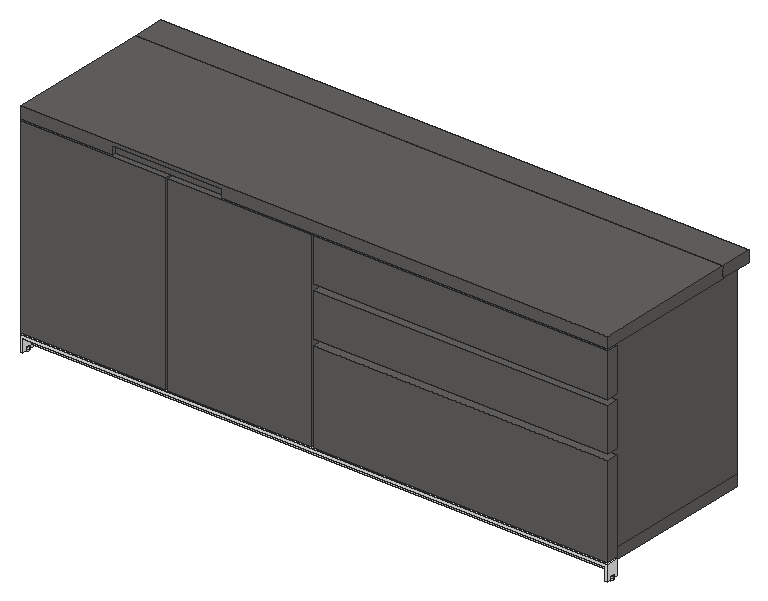
Revit family "Storage-Credenza-Teknion-ZXDB_High_Box_File-R2011", category Furniture Systems, Revit 2013
Parameters (values of type "(See Type Catalog)")
  Width = 80"
  Warranty = "http://www.teknionstudio.com/pdfs/Teknion%20Studio%20Warranty.pdf"
  Unit Weight = 0.00 lbf
  Unit Finish [instance] = Veneer - Teknion - P7 - Grey Oak
  URL = "www.teknionstudio.com"
  Tabletop Right Length = if(Has Right Door, 40", if(Has Double Right Door, 60", 20"))  # 20"
  Tabletop Left Length = if(Has Left Door, 40", if(Has Double Left Door, 60", 20"))  # 60"
  Tabletop Cutout Offset = if(Has Wire Management, 0", 4")  # 0"
  Single Door Cutout Offset = if(Has Left Door, 0", if(Has Right Door, 0", 4"))  # 4"
  Series = "B&B Italia"
  Right Doors Length = if(Has Right Door, (40" - 1.575"), if(Has Double Right Door, (60" - 1.575"), 18.425"))  # 18.425"
  Product Page URL = "http://www.teknionstudio.com/acexecutive/"
  Product Line = "AC Executive"
  Product Documentation Link = "http://www.teknionstudio.com/pricing/ac_executive_ppg.pdf"
  Part Number = "ZXDB"
  Model = ""
  Manufacturer Phone = "919-464-2920"
  Manufacturer Fax = "919-464-2927"
  Manufacturer Email = "customersupport@teknionstudio.com"
  Manufacturer Address = "3940 US 70 Business HWY West, Clayton, NC 27520"
  Manufacturer = "Teknion Studio"  # constant formula
  Low Emitting Material = yes
  Low Emitting Finish = yes
  Left and Right Reference Planes Offset = if(Has Double Right Door, 0", if(Has Double Left Door, 40", if(Has Right Door, 20", 40")))  # 40"
  Left Doors Length = if(Has Left Door, (40" - 1.575"), if(Has Double Left Door, (60" - 1.575"), 18.425"))  # 58.425"
  Height = 30"
  Has Left Door = no
  Has Double Left Door = yes
  Has Right Door = no
  Has Double Right Door = no
  Has Wire Management = yes
  Drawers Length = 40"  # constant formula
  Double Door Cutout Offset = if(Has Double Left Door, 0", if(Has Double Right Door, 0", 5"))  # 0"
  Description = ""
  Depth = 24"
  Bottom Rigth Length = if(Has Right Door, 40", if(Has Double Right Door, 60", 20"))  # 20"
  Bottom Left Length = if(Has Left Door, 40", if(Has Double Left Door, 60", 20"))  # 60"
  Assembly Code = "E2020200"
Reference planes (in)
  plane 1 "Center F/B": y = 0
  plane 2: z = 0
  plane 3 "Center L/R": x = 0
  plane 4 "Left": x = -58.425
  plane 5 "Right": x = 18.425
  plane 6 "Back": y = 12
  plane 7 "Front": y = -12
  plane 8 "Top": z = 30
  plane 9: x = -56.8502
  plane 10: x = 16.8502
  plane 11: z = 2.1289
  plane 12 "Foot Centerline": y = -11.2126
  plane 13 "Elevation": z = 15.29476
  plane 14: z = 28.46063
  plane 15: x = -20
  plane 16: x = 20
  plane 17: x = -40
  plane 18: x = -60
  plane 19: x = 40
  plane 20: x = 60
  plane 21: x = -60
  plane 22: x = 20
  plane 23: x = -60
  plane 24: x = 20
  plane 25: x = -60
  plane 26: x = 20
  plane 27: y = -16
  plane 28: y = -12
  plane 29: z = 30
  plane 30: x = -60
  plane 31: x = 20
  plane 32: x = -20
Forms (in)
  Sweep 1, solid, material "Metal - Teknion - C6 - Chrome"
    path origin (0, -12, 0) x (1, 0, 0) y (0, 0, 1)
      loop
        line (20, 0.05803) -> (20, 2.1289) -> (-60, 2.1289) -> (-60, 0.05803)
    profile origin (-20, -12, 2.1289) x (0, 0, -1) y (0, -1, 0)
      loop
        line (0, 0) -> (0, -1.5748) -> (0.394, -1.5748) -> (0.394, 0) -> (0, 0)
  Sweep 2, solid, material "Metal - Teknion - C6 - Chrome"
    path origin (0, -12, 0) x (1, 0, 0) y (0, 0, 1)
      loop
        line (-60, 2.1289) -> (20, 2.1289)
    profile origin (-20, -12, 2.1289) x (0, 0, 1) y (0, -1, 0)
      loop
        line (-0.394, -1.5748) -> (-0.394, -1.3778) -> (-1.575, -1.3778) -> (-1.575, -1.5748) -> (-0.394, -1.5748)
  Revolve 3, solid, material "Metal - Teknion - C6 - Chrome"
    sketch origin (0, -11.2126, 0) x (0, 0, -1) y (1, 0, 0)
      loop
        line (-0.4911, 19.4685) -> (-0.45173, 19.42913) -> (-0.28492, 19.42913) -> (-0.24555, 19.4685) -> (-0.20618, 19.42913) -> (-0.03937, 19.42913) -> (0, 19.4685) -> (0, 19.80315) -> (-0.4911, 19.80315) -> (-0.4911, 19.4685)
      axis (0, 19.80315) -> (-0.4911, 19.80315)
    angle from 0 to 360
  Revolve 4, solid, material "Metal - Teknion - C6 - Chrome"
    sketch origin (0, -11.2126, 0) x (0, 0, -1) y (1, 0, 0)
      loop
        line (0, -60.1378) -> (0, -59.80315) -> (-0.4911, -59.80315) -> (-0.4911, -60.1378) -> (-0.45173, -60.17717) -> (-0.28492, -60.17717) -> (-0.24555, -60.1378) -> (-0.20618, -60.17717) -> (-0.03937, -60.17717) -> (0, -60.1378)
      axis (0, -59.80315) -> (-0.4911, -59.80315)
    angle from 0 to 360
  Sweep 5, solid, material "Veneer - Teknion - P7 - Grey Oak" <- "Unit Finish"
    path origin (0, 0, 15.40683) x (-1, 0, 0) y (0, -1, 0)
      loop
        line (0, -12) -> (0, 12)
    profile origin (0, 0, 15.40683) x (1, 0, 0) y (0, 0, 1)
      loop
        line (-60, 14.59317) -> (-60, 13.0538) -> (20, 13.0538) -> (20, 14.59317) -> (-60, 14.59317)
  Sweep 6, solid, material "Veneer - Teknion - P7 - Grey Oak" <- "Unit Finish"
    path origin (0, -12, 0) x (1, 0, 0) y (0, 0, 1)
      loop
        line (-58.425, 2.1289) -> (18.425, 2.1289)
    profile origin (-20, -12, 2.1289) x (0, 0, 1) y (0, -1, 0)
      loop
        line (0, -1.5748) -> (-1.53937, -1.5748) -> (-1.53937, -24) -> (0, -24) -> (0, -1.5748)
  Sweep 7, solid, material "Veneer - Teknion - P7 - Grey Oak" <- "Unit Finish"
    path origin (0, 0, 15.40683) x (-1, 0, 0) y (0, -1, 0)
      loop
        line (58.425, 0) -> (-18.425, 0)
    profile origin (-20, 0, 15.40683) x (0, 1, 0) y (0, 0, 1)
      loop
        line (7.61024, 12.6597) -> (7.61024, 13.0538) -> (-10.32283, 13.0538) -> (-10.32283, -13.27793) -> (12, -13.27793) -> (12, 12.6597) -> (7.61024, 12.6597)
  Sweep 8, solid, material "Veneer - Teknion - P7 - Grey Oak" <- "Unit Finish"
    path origin (0, -12, 0) x (1, 0, 0) y (0, 0, 1)
      loop
        line (-20, 15.29476) -> (20, 15.29476)
    profile origin (0, -12, 15.29476) x (0, 0, 1) y (0, -1, 0)
      loop
        line (12.91587, -1.5394) -> (12.91587, 0) -> (7.02587, 0) -> (7.02587, -1.5394) -> (12.91587, -1.5394)
      loop
        line (0.34867, -1.5394) -> (6.23847, -1.5394) -> (6.23847, 0) -> (0.34867, 0) -> (0.34867, -1.5394)
      loop
        line (-0.43873, 0) -> (-12.91587, 0) -> (-12.91587, -1.5394) -> (-0.43873, -1.5394) -> (-0.43873, 0)
  Sweep 9, solid, material "Veneer - Teknion - P7 - Grey Oak" <- "Unit Finish", visible <- "Has Left Door"
    path origin (0, -12, 0) x (1, 0, 0) y (0, 0, 1)
      loop
        line (0, 28.21063) -> (0, 2.3789)
    profile origin (0, -12, 15.29476) x (0, -1, 0) y (1, 0, 0)
      loop
        line (-1.5394, -20.25) -> (-1.5394, -40) -> (0, -40) -> (0, -20.25) -> (-1.5394, -20.25)
  Sweep 10, solid, material "Veneer - Teknion - P7 - Grey Oak" <- "Unit Finish", visible <- "Has Right Door"
    path origin (0, -12, 0) x (-1, 0, 0) y (0, 0, 1)
      loop
        line (0, 28.21063) -> (0, 2.3789)
    profile origin (0, -12, 15.29476) x (0, -1, 0) y (1, 0, 0)
      loop
        line (-1.5394, 20.25) -> (0, 20.25) -> (0, 40) -> (-1.5394, 40) -> (-1.5394, 20.25)
  Sweep 11, solid, material "Veneer - Teknion - P7 - Grey Oak" <- "Unit Finish", visible <- "Has Double Left Door"
    path origin (-80, -12, 0) x (-1, 0, 0) y (0, 0, 1)
      loop
        line (-80, 28.21063) -> (-80, 2.3789)
    profile origin (0, -12, 15.29476) x (0, -1, 0) y (1, 0, 0)
      loop
        line (-1.5394, -20.25) -> (-1.5394, -39.875) -> (0, -39.875) -> (0, -20.25) -> (-1.5394, -20.25)
      loop
        line (-1.5394, -60) -> (0, -60) -> (0, -40.125) -> (-1.5394, -40.125) -> (-1.5394, -60)
  Sweep 12, solid, material "Veneer - Teknion - P7 - Grey Oak" <- "Unit Finish", visible <- "Has Double Right Door"
    path origin (80, -12, 0) x (1, 0, 0) y (0, 0, 1)
      loop
        line (-80, 28.21063) -> (-80, 2.3789)
    profile origin (0, -12, 15.29476) x (0, -1, 0) y (1, 0, 0)
      loop
        line (-1.5394, 20.25) -> (0, 20.25) -> (0, 39.875) -> (-1.5394, 39.875) -> (-1.5394, 20.25)
      loop
        line (-1.5394, 60) -> (-1.5394, 40.125) -> (0, 40.125) -> (0, 60) -> (-1.5394, 60)
  Sweep 13, void
    path origin (0, 0, 0) x (0, 1, 0) y (0, 0, 1)
      loop
        line (-16, 28.46063) -> (-15.5276, 28.46063)
    profile origin (0, -15.7638, 28.46063) x (0, 0, 1) y (1, 0, 0)
      loop
        line (0, -27.556) -> (1.1, -27.556) -> (1.1, -20.118) -> (0, -20.118) -> (0, -27.556)
      loop
        line (0, 27.556) -> (0, 20.118) -> (1.1, 20.118) -> (1.1, 27.556) -> (0, 27.556)
  Sweep 14, void
    path origin (0, -9, 0) x (0, 1, 0) y (0, 0, 1)
      loop
        line (-3, 28.46063) -> (-2.5276, 28.46063)
    profile origin (0, -11.7638, 28.46063) x (0, 0, 1) y (1, 0, 0)
      loop
        line (0, -47.438) -> (1.1, -47.438) -> (1.1, -32.562) -> (0, -32.562) -> (0, -47.438)
      loop
        line (0, 47.438) -> (0, 32.562) -> (1.1, 32.562) -> (1.1, 47.438) -> (0, 47.438)
  Sweep 15, void
    path origin (0, 12, 0) x (-1, 0, 0) y (0, 0, 1)
      loop
        line (60, 30) -> (-60, 30)
    profile origin (0, 12, 30) x (0, 0, -1) y (0, 1, 0)
      loop
        line (1.53937, -4.38976) -> (1.53937, -4.30976) -> (0, -4.30976) -> (0, -4.38976) -> (1.53937, -4.38976)
Cuts and joins
  joined: Sweep 1, Sweep 2, Revolve 3, Revolve 4
  Sweep 13, Sweep 14, Sweep 15 cuts Sweep 5
Lines and regions (in)
  Masking region 1
    outline origin (0, 0, 30) x (-1, 0, 0) y (0, -1, 0)
      loop
        line (60, -12) -> (60, 12) -> (-20, 12) -> (-20, -12) -> (60, -12)
  symbolic lines, visible <- "Has Wire Management", detail levels medium+fine
    curve 1: line (-60, 7.61024, 15.40683) -> (20, 7.61024, 15.40683)
  symbolic lines, style "FurnitureSystems", visible <- "Has Left Door"
    curve 2: line (-40, -12, 15.40683) -> (-40, -32, 15.40683)
  symbolic lines, visible <- "Has Left Door"
    curve 3: arc (-40, -32, 15.40683) -> (-25.85786, -26.14214, 15.40683) -> (-20, -12, 15.40683) r 20
  symbolic lines, visible <- "Has Double Left Door"
    curve 4: line (-20, -12, 15.40683) -> (-20, -32, 15.40683)
    curve 5: arc (-20, -32, 15.40683) -> (-34.14214, -26.14214, 15.40683) -> (-40, -12, 15.40683) r 20
    curve 6: line (-60, -12, 15.40683) -> (-60, -32, 15.40683)
    curve 7: arc (-60, -32, 15.40683) -> (-45.85786, -26.14214, 15.40683) -> (-40, -12, 15.40683) r 20
  symbolic lines, style "FurnitureSystems", visible <- "Has Right Door"
    curve 8: line (40, -12, 15.40683) -> (40, -32, 15.40683)
  symbolic lines, visible <- "Has Right Door"
    curve 9: arc (40, -32, 15.40683) -> (25.85786, -26.14214, 15.40683) -> (20, -12, 15.40683) r 20
  symbolic lines, visible <- "Has Double Right Door"
    curve 10: line (20, -12, 15.40683) -> (20, -32, 15.40683)
    curve 11: arc (20, -32, 15.40683) -> (34.14214, -26.14214, 15.40683) -> (40, -12, 15.40683) r 20
    curve 12: line (60, -12, 15.40683) -> (60, -32, 15.40683)
    curve 13: arc (60, -32, 15.40683) -> (45.85786, -26.14214, 15.40683) -> (40, -12, 15.40683) r 20
  symbolic lines, style "Elevation Swing", visible <- "Has Left Door"
    curve 14: line (-20.25, -12, 28.21063) -> (-40, -12, 15.29476)
    curve 15: line (-40, -12, 15.29476) -> (-20.25, -12, 2.3789)
  symbolic lines, style "Elevation Swing", visible <- "Has Double Left Door"
    curve 16: line (-39.875, -12, 28.21063) -> (-20.25, -12, 15.29476)
    curve 17: line (-20.25, -12, 15.29476) -> (-39.875, -12, 2.3789)
    curve 18: line (-40.125, -12, 28.21063) -> (-60, -12, 15.29476)
    curve 19: line (-60, -12, 15.29476) -> (-40.125, -12, 2.3789)
  symbolic lines, style "Elevation Swing", visible <- "Has Right Door"
    curve 20: line (20.25, -12, 28.21063) -> (40, -12, 15.29476)
    curve 21: line (40, -12, 15.29476) -> (20.25, -12, 2.3789)
  symbolic lines, style "Elevation Swing", visible <- "Has Double Right Door"
    curve 22: line (39.875, -12, 28.21063) -> (20.25, -12, 15.29476)
    curve 23: line (20.25, -12, 15.29476) -> (39.875, -12, 2.3789)
    curve 24: line (40.125, -12, 28.21063) -> (60, -12, 15.29476)
    curve 25: line (60, -12, 15.29476) -> (40.125, -12, 2.3789)
Dimensions and locks (in)
  equal spacing: plane 6 "Back", plane 1 "Center F/B", plane 7 "Front"
  "Depth": plane 6 "Back" to plane 7 "Front"
  locked: plane 4 "Left" to plane 9 at 1.5748
  locked: plane 10 to plane 5 "Right" at 1.5748
  "Height": plane 8 "Top" to plane 2
  locked: Sweep 1 sketch curve to level at 0.05803  (x2)
  locked: plane 7 "Front" to Sweep 1 sketch curve at 1.5748
  locked: plane 11 to plane 2 at 2.1289
  locked: plane 11 to Sweep 1 sketch curve at 0.394
  plane 11 to Sweep 2 sketch curve to Sweep 2 sketch curve = 0.394" locked, 1.181" locked
  plane 7 "Front" to Sweep 2 sketch curve to Sweep 2 sketch curve = 1.3778" locked, 0.197" locked
  locked: plane 8 "Top" to Sweep 5 sketch curve at 1.53937
  locked: plane 11 to Sweep 6 sketch curve at 1.53937
  locked: plane 7 "Front" to Sweep 6 sketch curve at 1.5748
  locked: plane 8 "Top" to Sweep 7 sketch curve at 1.53937
  locked: plane 8 "Top" to Sweep 7 sketch curve at 1.93347
  locked: Sweep 7 sketch curve to plane 7 "Front" at 1.67717
  locked: plane 8 "Top" to plane 14 at 1.53937
  equal spacing: plane 14, plane 13 "Elevation", plane 11
  locked: Sweep 8 sketch curve to plane 14 at 0.25
  locked: Sweep 8 sketch curve to plane 7 "Front" at 1.5394  (x3)
  locked: plane 11 to Sweep 8 sketch curve at 0.25
  equal spacing: plane 15, plane 3 "Center L/R", plane 16
  "Drawers Length": plane 15 to plane 16
  "Left Doors Length": plane 4 "Left" to plane 3 "Center L/R"
  "Right Doors Length": plane 3 "Center L/R" to plane 5 "Right"
  equal spacing: plane 18, plane 17, plane 15
  locked: plane 17 to plane 15 at 20
  locked: plane 17 to Sweep 9 sketch curve at 0
  locked: Sweep 9 sketch curve to plane 15 at 0.25
  locked: Sweep 9 sketch curve to plane 7 "Front" at 1.5394
  locked: plane 14 to Sweep 11 sketch curve at 0.25
  locked: Sweep 11 sketch curve to plane 11 at 0.25
  locked: Sweep 11 sketch curve to plane 15 at 0.25
  locked: plane 7 "Front" to Sweep 11 sketch curve at 1.5394
  locked: Sweep 11 sketch curve to plane 7 "Front" at 1.5394
  locked: Sweep 9 sketch curve to plane 11 at 0.25
  locked: plane 14 to Sweep 9 sketch curve at 0.25
  equal spacing: plane 16, plane 19, plane 20
  plane 16 to plane 19 = 20"
  locked: plane 14 to Sweep 10 sketch curve at 0.25
  locked: Sweep 10 sketch curve to plane 11 at 0.25
  locked: Sweep 10 sketch curve to plane 19
  locked: plane 16 to Sweep 10 sketch curve at 0.25
  locked: plane 7 "Front" to Sweep 10 sketch curve at 1.5394
  locked: plane 14 to Sweep 12 sketch curve at 0.25
  locked: Sweep 12 sketch curve to plane 11 at 0.25
  locked: plane 16 to Sweep 12 sketch curve at 0.25
  locked: plane 7 "Front" to Sweep 12 sketch curve at 1.5394
  locked: Sweep 12 sketch curve to plane 7 "Front" at 1.5394
  "Tabletop Left Length": plane 3 "Center L/R" to plane 21
  "Tabletop Right Length": plane 22 to plane 3 "Center L/R"
  "Bottom Left Length": plane 3 "Center L/R" to plane 23
  "Bottom Rigth Length": plane 3 "Center L/R" to plane 24
  "Bottom Left Length": plane 3 "Center L/R" to plane 25
  "Bottom Rigth Length": plane 26 to plane 3 "Center L/R"
  locked: plane 7 "Front" to plane 12 "Foot Centerline" at 0.7874
  locked: plane 4 "Left" to Revolve 4 sketch curve at 1.37815
  locked: Revolve 4 sketch curve to Revolve 4 sketch curve at 0.37402
  Revolve 4 sketch curve to Revolve 4 sketch curve to Revolve 4 sketch curve to plane 2 = 0.07874" locked, 0.16681" locked, 0.03937" locked
  Revolve 4 sketch curve to Revolve 4 sketch curve to Revolve 4 sketch curve to Revolve 4 sketch curve = 0.03937" locked, 0.16681" locked, 0.03937" locked
  locked: Revolve 3 sketch curve to plane 5 "Right" at 1.37815
  locked: Revolve 3 sketch curve to Revolve 3 sketch curve at 0.37402
  Revolve 3 sketch curve to Revolve 3 sketch curve to Revolve 3 sketch curve to Revolve 3 sketch curve to plane 2 = 0.03937" locked, 0.16681" locked, 0.07874" locked, 0.20618" locked
  "Single Door Cutout Offset": plane 7 "Front" to plane 27
  locked: Sweep 13 sketch curve to plane 27 at 0.4724
  locked: Sweep 13 sketch curve to plane 14 at 1.1  (x2)
  Sweep 13 sketch curve to Sweep 13 sketch curve to plane 15 = 7.438" locked, 0.118" locked
  plane 16 to Sweep 13 sketch curve to Sweep 13 sketch curve = 0.118" locked, 7.438" locked
  locked: Sweep 14 sketch curve to plane 28 at 0.4724
  Sweep 14 sketch curve to plane 17 to Sweep 14 sketch curve = 7.438" locked, 7.438" locked
  locked: Sweep 14 sketch curve to plane 14 at 1.1  (x2)
  Sweep 14 sketch curve to plane 19 to Sweep 14 sketch curve = 7.438" locked, 7.438" locked
  "Double Door Cutout Offset": plane 7 "Front" to plane 28
  "Tabletop Cutout Offset": plane 29 to plane 8 "Top"
  locked: Sweep 15 sketch curve to Sweep 15 sketch curve at 0.08
  locked: plane 29 to Sweep 15 sketch curve at 1.53937
  locked: plane 6 "Back" to Sweep 15 sketch curve at 4.30976
  equal spacing: plane 30, plane 32, plane 31
  "Width": plane 30 to plane 31
  "Left and Right Reference Planes Offset": plane 31 to plane 20
  locked: Sweep 8 sketch curve to Sweep 8 sketch curve at 0.7874  (x2)
  Sweep 8 sketch curve to Sweep 8 sketch curve = 12.47713"
  Sweep 11 sketch curve to plane 17 to Sweep 11 sketch curve = 1/8" locked, 1/8" locked
  Sweep 12 sketch curve to plane 19 to Sweep 12 sketch curve = 1/8" locked, 1/8" locked
  locked: Sweep 8 sketch curve to Sweep 8 sketch curve at 5.89
  locked: Sweep 8 sketch curve to Sweep 8 sketch curve at 5.8898
  aligned and locked: level to plane 2
  aligned and locked: Sweep 1 sketch curve to plane 7 "Front"
  aligned and locked: plane 11 to Sweep 1 sketch curve
  aligned and locked: Sweep 1 sketch curve to plane 11
  aligned and locked: Sweep 2 sketch curve to plane 11
  aligned and locked: plane 6 "Back" to Sweep 5 sketch curve
  aligned and locked: plane 7 "Front" to Sweep 5 sketch curve
  aligned and locked: Sweep 5 sketch curve to plane 3 "Center L/R"
  aligned and locked: Sweep 5 sketch curve to plane 8 "Top"
  aligned and locked: Sweep 6 sketch curve to plane 11  (x2)
  aligned and locked: Sweep 6 sketch curve to plane 6 "Back"
  aligned and locked: plane 1 "Center F/B" to Sweep 7 sketch curve
  aligned and locked: plane 6 "Back" to Sweep 7 sketch curve
  aligned and locked: plane 11 to Sweep 7 sketch curve
  aligned and locked: Sweep 8 sketch curve to plane 13 "Elevation"
  aligned and locked: plane 7 "Front" to Sweep 8 sketch curve
  aligned and locked: Sweep 8 sketch curve to profile plane
  aligned and locked: plane 15 to Sweep 8 sketch curve
  aligned and locked: plane 16 to Sweep 8 sketch curve
  aligned and locked: plane 4 "Left" to Sweep 7 sketch curve
  aligned and locked: plane 5 "Right" to Sweep 7 sketch curve
  aligned and locked: Sweep 9 sketch curve to plane 3 "Center L/R"
  aligned and locked: plane 7 "Front" to Sweep 9 sketch curve
  aligned and locked: Sweep 11 sketch curve to plane 3 "Center L/R"
  aligned and locked: Sweep 11 sketch curve to plane 7 "Front"
  aligned and locked: plane 7 "Front" to Sweep 11 sketch curve
  aligned and locked: plane 18 to Sweep 11 sketch curve
  aligned and locked: Sweep 10 sketch curve to plane 3 "Center L/R"
  aligned and locked: Sweep 10 sketch curve to plane 7 "Front"
  aligned and locked: Sweep 12 sketch curve to plane 3 "Center L/R"
  aligned and locked: Sweep 12 sketch curve to plane 7 "Front"
  aligned and locked: Sweep 12 sketch curve to plane 20
  aligned and locked: plane 7 "Front" to Sweep 12 sketch curve
  aligned and locked: plane 21 to Sweep 5 sketch curve
  aligned and locked: Sweep 5 sketch curve to plane 22
  aligned and locked: plane 4 "Left" to Sweep 6 sketch curve
  aligned and locked: plane 5 "Right" to Sweep 6 sketch curve
  aligned and locked: Sweep 1 sketch curve to plane 23
  aligned and locked: plane 24 to Sweep 1 sketch curve
  aligned and locked: plane 25 to Sweep 2 sketch curve
  aligned and locked: plane 26 to Sweep 2 sketch curve
  aligned and locked: Revolve 3 sketch curve to Revolve 3 sketch curve  (x2)
  aligned and locked: Revolve 3 sketch curve to plane 2
  aligned and locked: Revolve 4 sketch curve to Revolve 4 sketch curve  (x2)
  aligned and locked: Revolve 4 sketch curve to plane 2
  aligned and locked: plane 27 to Sweep 13 sketch curve
  aligned and locked: plane 14 to Sweep 13 sketch curve  (x2)
  aligned and locked: Sweep 13 sketch curve to plane 14
  aligned and locked: plane 14 to Sweep 14 sketch curve  (x2)
  aligned and locked: Sweep 14 sketch curve to plane 14
  aligned and locked: plane 28 to Sweep 14
  aligned and locked: plane 28 to Sweep 14 sketch curve
  aligned and locked: Sweep 15 sketch curve to plane 29  (x2)
  aligned and locked: plane 18 to Sweep 15 sketch curve
  aligned and locked: plane 20 to Sweep 15 sketch curve
  aligned and locked: Masking region 1 sketch curve to plane 6 "Back"
  aligned and locked: cut or joined group of Sweep 5, Sweep 13, Sweep 14, Sweep 15 to curve 1
  aligned and locked: Masking region 1 sketch curve to cut or joined group of Sweep 5, Sweep 13, Sweep 14, Sweep 15  (x2)
  aligned and locked: Masking region 1 sketch curve to plane 7 "Front"
  aligned and locked: Masking region 1 to curve 1  (x2)
  aligned and locked: curve 2 to plane 17
  aligned and locked: plane 17 to curve 3
  aligned and locked: curve 6 to plane 18
  aligned and locked: curve 4 to plane 15
  aligned and locked: curve 5 to plane 15
  aligned and locked: plane 7 "Front" to curve 3
  aligned and locked: plane 7 "Front" to curve 2
  aligned and locked: plane 7 "Front" to curve 7
  aligned and locked: plane 7 "Front" to curve 5
  aligned and locked: plane 19 to curve 8
  aligned and locked: plane 7 "Front" to curve 9
  aligned and locked: plane 7 "Front" to curve 8
  aligned and locked: plane 20 to curve 12
  aligned and locked: plane 16 to curve 10
  aligned and locked: plane 7 "Front" to curve 12
  aligned and locked: plane 7 "Front" to curve 13
  aligned and locked: plane 7 "Front" to curve 10
  aligned and locked: plane 19 to curve 13
  aligned and locked: plane 7 "Front" to curve 11
  aligned and locked: plane 19 to curve 11
  aligned and locked: curve 15 to Sweep 9
  aligned and locked: plane 13 "Elevation" to curve 15
  aligned and locked: Sweep 9 to curve 14
  aligned and locked: Sweep 11 to Sweep 11
  aligned and locked: plane 13 "Elevation" to curve 17
  aligned and locked: Sweep 11 to curve 16
  aligned and locked: curve 19 to Sweep 11
  aligned and locked: plane 13 "Elevation" to curve 19
  aligned and locked: Sweep 11 to curve 18
  aligned and locked: Sweep 10 to curve 21
  aligned and locked: plane 13 "Elevation" to curve 21
  aligned and locked: curve 20 to Sweep 10
  aligned and locked: curve 23 to Sweep 12
  aligned and locked: plane 13 "Elevation" to curve 23
  aligned and locked: Sweep 12 to curve 22
  aligned and locked: Sweep 12 to curve 25
  aligned and locked: Sweep 12 to curve 24
Automatic sketch dimensions
  Revolve 3 sketch curve to Revolve 3 sketch curve = 0.15736"
  Revolve 3 sketch curve to Revolve 3 sketch curve = 0.03937"  (x3)
  level to Revolve 3 sketch curve = 0.03937"
  Revolve 3 sketch curve to level = 0.10154"
  Revolve 4 sketch curve to Revolve 4 sketch curve = 0.2589"
  Revolve 4 sketch curve to level = 0.42419"
  Revolve 4 sketch curve to Revolve 4 sketch curve = 0.03937"  (x2)
  Sweep 7 sketch curve to Sweep 7 sketch curve = 4.38976"
  curve 9 to plane 16 = 0"
  plane 7 "Front" to curve 4 = 0"
  plane 7 "Front" to curve 6 = 0"
  Sweep 8 sketch curve to plane 7 "Front" = 0"
  curve 18 to plane 18 = 0"
  curve 14 to plane 17 = 0"
  plane 19 to curve 20 = 0"
  curve 25 to plane 13 "Elevation" = 0"
  plane 20 to curve 24 = 0"
  plane 17 to curve 17 = 1/8"
  plane 17 to curve 16 = 1/8"
  curve 17 to plane 15 = 1/4"
  curve 14 to plane 15 = 1/4"
  curve 20 to plane 16 = 1/4"
  curve 23 to plane 16 = 1/4"
  plane 19 to curve 22 = 1/8"
  curve 24 to plane 19 = 1/8"
  plane 11 to curve 17 = 1/4"
  plane 11 to curve 19 = 1/4"
  plane 11 to curve 15 = 1/4"
  plane 11 to curve 21 = 1/4"
  plane 11 to curve 23 = 1/4"
  curve 25 to curve 23 = 0"
  curve 18 to curve 16 = 0"
